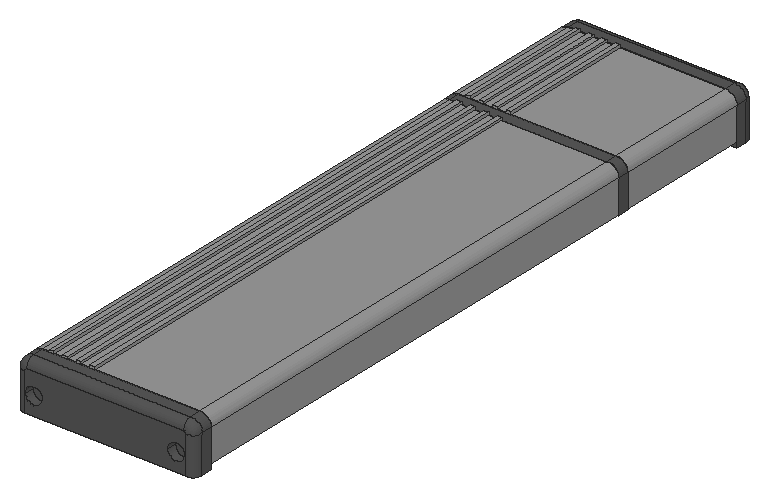
Revit family "JC KONTAKTER JCK227 FI", category Specialty Equipment, host Face, Revit 2025
Family settings
  Host = Face
  Round Connector Dimension = Use Diameter
  Part Type = Normal
  Enable Cutting in Views = Yes
  Cut with Voids When Loaded = No
  Maintain Annotation Orientation = Yes
  Shared = No
  Room Calculation Point = No
Parameters (values of type "JCK227")
  Valmistusmaa = "Ruotsi"
  URL = "https://www.jckontakter.fi/produkt/kyynarkytkin/kyynarkytkin-metalli/kyynarkytkin-jck227/"
  Tuotteen paino = "0.397 kg"
  Tekniken tuotekortti = "https://www.jckontakter.fi/wp-content/uploads/sites/4/Tekninen-tuotekortti_JCK227_FI-1.pdf"
  Päätypäät = POM Tenac C 4520
  Pienin nimellisvirta = "12V Resistiivinen 6A Induktiivinen L/R 5ms 6A, 24V Resistiivinen 6A Induktiivinen L/R 5ms 5A"
  Nimellisestä nimellisvirrasta = "1mA/4 V DC"
  Model = "JCK227"
  Mikrokytkin = "Standar NO IP67"
  Mikrokytkimien määrä = 2
  Manufacturer = "JC Kontakter"
  Kansi (lås) = Aluminum ENAW 6060
  Kansi = Aluminum ENAW 6060
  Description = "Kyynärkytkin JCK227 kuuluu suurempien painikkeiden sarjaan, joissa on kaksoispainopinnat, jotka mahdollistavat esimerkiksi lisäoven tai lukon kytkemisen. Kyynärkytkin JCK227 on valmistettu hopeanväriseksi anodisoidusta alumiinista mustilla päätykappaleilla. Molemmat painopinnat on varustettu neljällä kosketustuntuisella uralla, jotka tarjoavat lisäohjausta näkörajoitteisille henkilöille. Näin voidaan helposti tunnustella, mistä kohtaa tulee painaa oven avaamisen aktivoimiseksi."
  Default Elevation = 800 mm
  Kotelo = Aluminum ENAW 6060
  CE asiakirja = "https://jckontakter.se/wp-content/uploads/CE_Dokument.pdf"
Reference planes
  plane 1 "Center (Front/Back)": y = 0
  plane 2: z = 0
  plane 3 "Center (Left/Right)": x = 0
  plane 4 "A": y = -155.5
Lines and regions (mm)
  symbolic lines
    curve 1: line (-50, 0, 50) -> (50, 0, 50)
    curve 2: line (-50, 0, 0) -> (-50, 0, 50)
    curve 3: line (50, 0, 0) -> (-50, 0, 0)
    curve 4: line (50, 0, 50) -> (50, 0, 0)
    curve 5: line (-40, 155.5, 0) -> (40, 155.5, 0)
    curve 6: line (-40, -155.5, 0) -> (-40, 155.5, 0)
    curve 7: line (40, -155.5, 0) -> (-40, -155.5, 0)
    curve 8: line (40, 155.5, 0) -> (40, -155.5, 0)
Text (mm)
  text "Poista tämä tunniste ennen käyttöä.\n\nSijoitusohjeet:\n\n1. Lataa projektiin.\n2. Vie kursori sen pinnan päälle, johon perhe tullaan sijoittamaan.\n3. Jos perhe näkyy kiertyneenä, valitse asetus \"kierrä sijoittamisen jälkeen\".\n4. Napsauta haluttua pintaa.\n5. Kirjoita haluttu kulma.\n6. Paina Enter." at (123.173, 1072.34, 0), in view "Ref. Level"
Dimensions and locks
  aligned and locked: plane 2 to host face
  aligned and locked: level to host face
Nested families
  nested 1: "AK_227" at (0, -155.5, 0) x (1, 0, 0) z (0, 1, 0), type "AK_227"
Definition of nested family "AK_227"
  Parameters (values of type "AK_227")
    Middle separator = none
    Lid (Secondary) = none
    Default Elevation = 1219.2 mm
    Core Finish = none
    URL = "https://jckontakter.se/produkt/armbagskontakter-metall/armbagskontakt-i-aluminium-jck227/"
    Model = "JCK227"  # constant formula
    Manufacturer = "JC Kontakter"  # constant formula
    Lid Finish = none
    End Cap Finish = none
    Description = "JCK227 tillhör en serie armbågskontakter med dubbla tryckytor som gör det möjligt att koppla t.ex. en extra dörr eller ett lås. JCK227 är tillverkad i silvereloxerad aluminium med svarta endcaps. Båda tryckytorna är utformade med fyra taktila rillor och fungerar som extra vägledning för personer med synnedsättning. Man kan enkelt känna sig till vart man ska trycka för att aktivera dörröppning."  # constant formula
  Reference planes
    plane 1 "Center (Front/Back)": y = 0
    plane 2: z = 0
    plane 3 "Center (Left/Right)": x = 0
    plane 4 "1": x = 40
    plane 5 "A": z = 9
    plane 6 "B": z = 302
    plane 7 "C": z = 236
  Forms (mm)
    Extrusion 1, solid, material <- "Core Finish"
      sketch origin (40, 0, 9) x (1, 0, 0) y (0, 1, 0)
        loop
          line (-80, 0) -> (-80, -1.2) -> (-75, -1.2) -> (-75, -8.75) -> (-73.2, -8.75) -> (-73.2, -1.2) -> (-11.2, -1.2) -> (-11.2, -8.75) -> (-2.249, -8.75)
          arc (-2.249, -8.75) -> (-3.331, -3.54) -> (-8.11, -1.2) r 6.05
          line (-8.11, -1.2) -> (-5.54, -1.2) -> (-5.54, 0) -> (-80, 0)
      from 0 to 293
    Extrusion 2, solid, material <- "Lid Finish"
      sketch origin (-40, 0, 9) x (-1, 0, 0) y (0, -1, 0)
        loop
          line (-3.92, 11.41) -> (-0.92, 6.4) -> (0, 6.4) -> (0, 16.83)
          arc (0, 16.83) -> (-1.464, 20.366) -> (-5, 21.83) r 5
          line (-5, 21.83) -> (-8, 21.83) -> (-8, 22.83) -> (-10, 22.83) -> (-10, 21.83) -> (-14, 21.83) -> (-14, 22.83) -> (-16, 22.83) -> (-16, 21.83) -> (-20, 21.83) -> (-20, 22.83) -> (-22, 22.83) -> (-22, 21.83) -> (-26, 21.83) -> (-26, 22.83) -> (-28, 22.83) -> (-28, 21.83) -> (-75, 21.83)
          arc (-75, 21.83) -> (-78.536, 20.366) -> (-80, 16.83) r 5
          line (-80, 16.83) -> (-80, 2.38) -> (-78.4, 2.38) -> (-78.4, 11.41) -> (-3.92, 11.41)
      from 0 to 227
    Extrusion 3, solid, material <- "End Cap Finish"
      sketch origin (-40, 0, 0) x (1, 0, 0) y (0, 1, 0)
        loop
          arc (0, -16.83) -> (1.464, -20.366) -> (5, -21.83) r 5
          line (5, -21.83) -> (75, -21.83)
          arc (75, -21.83) -> (78.536, -20.366) -> (80, -16.83) r 5
          line (80, -16.83) -> (80, 0) -> (0, 0) -> (0, -16.83)
      from 0 to 9
    Sweep 4, void
      path origin (0, 0, 0) x (1, 0, 0) y (0, 1, 0)
        loop
          line (42, 0) -> (42, -16.83)
          arc (42, -16.83) -> (39.95, -21.78) -> (35, -23.83) r 7
          line (35, -23.83) -> (-35, -23.83)
          arc (-35, -23.83) -> (-39.95, -21.78) -> (-42, -16.83) r 7
          line (-42, -16.83) -> (-42, 0)
      profile origin (0, -23.83, 0) x (0, -1, 0) y (0, 0, 1)
        loop
          line (-1, 4) -> (-2, 4)
          arc (-2, 4) -> (-3.172, 1.172) -> (-6, 0) r 4
          line (-6, 0) -> (-6, -1) -> (-1, -1) -> (-1, 4)
    Extrusion 5, solid, material <- "End Cap Finish"
      sketch origin (0, 0, 302) x (-1, 0, 0) y (0, -1, 0)
        loop
          arc (40, 16.83) -> (38.536, 20.366) -> (35, 21.83) r 5
          line (35, 21.83) -> (-35, 21.83)
          arc (-35, 21.83) -> (-38.536, 20.366) -> (-40, 16.83) r 5
          line (-40, 16.83) -> (-40, 0) -> (40, 0) -> (40, 16.83)
      from 0 to 9
    Sweep 6, void
      path origin (0, 0, 302) x (-1, 0, 0) y (0, -1, 0)
        loop
          line (-42, 0) -> (-42, 16.83)
          arc (-42, 16.83) -> (-39.95, 21.78) -> (-35, 23.83) r 7
          line (-35, 23.83) -> (35, 23.83)
          arc (35, 23.83) -> (39.95, 21.78) -> (42, 16.83) r 7
          line (42, 16.83) -> (42, 0)
      profile origin (0, -23.83, 302) x (0, -1, 0) y (0, 0, 1)
        loop
          line (-1, 5) -> (-1, 10) -> (-6, 10) -> (-6, 9)
          arc (-6, 9) -> (-3.172, 7.828) -> (-2, 5) r 4
          line (-2, 5) -> (-1, 5)
    Extrusion 7, void
      sketch origin (0, 0, 0) x (1, 0, 0) y (0, 1, 0)
        loop
          circle (-31.75, -8.25) r 3.75
        loop
          circle (31.75, -8.25) r 3.75
      from 0 to 4
    Extrusion 8, solid, material <- "Lid (Secondary)"
      sketch origin (0, 0, 236) x (-1, 0, 0) y (0, -1, 0)
        loop
          line (36.08, 11.41) -> (39.08, 6.4) -> (40, 6.4) -> (40, 16.83)
          arc (40, 16.83) -> (38.536, 20.366) -> (35, 21.83) r 5
          line (35, 21.83) -> (32, 21.83) -> (32, 22.83) -> (30, 22.83) -> (30, 21.83) -> (26, 21.83) -> (26, 22.83) -> (24, 22.83) -> (24, 21.83) -> (20, 21.83) -> (20, 22.83) -> (18, 22.83) -> (18, 21.83) -> (14, 21.83) -> (14, 22.83) -> (12, 22.83) -> (12, 21.83) -> (-35, 21.83)
          arc (-35, 21.83) -> (-38.536, 20.366) -> (-40, 16.83) r 5
          line (-40, 16.83) -> (-40, 2.38) -> (-38.4, 2.38) -> (-38.4, 11.41) -> (36.08, 11.41)
      from 5 to 66
    Extrusion 9, solid, material <- "Middle separator"
      sketch origin (0, 0, 236) x (-1, 0, 0) y (0, -1, 0)
        loop
          line (-19.5, 16.33) -> (35, 16.33) -> (35, 5) -> (40, 5) -> (40, 16.83)
          arc (40, 16.83) -> (38.536, 20.366) -> (35, 21.83) r 5
          line (35, 21.83) -> (-35, 21.83)
          arc (-35, 21.83) -> (-38.536, 20.366) -> (-40, 16.83) r 5
          line (-40, 16.83) -> (-40, 2) -> (-34.897, 2)
          arc (-34.897, 2) -> (-37.462, 4.894) -> (-37.751, 8.75) r 6.05
          line (-37.751, 8.75) -> (-19.5, 8.75) -> (-19.5, 16.33)
      from 0 to 5
  Cuts and joins
    Sweep 4, Sweep 6, Extrusion 7 cuts Extrusion 3
    Sweep 6 cuts Extrusion 5
  Dimensions and locks
    aligned and locked: level to plane 2
